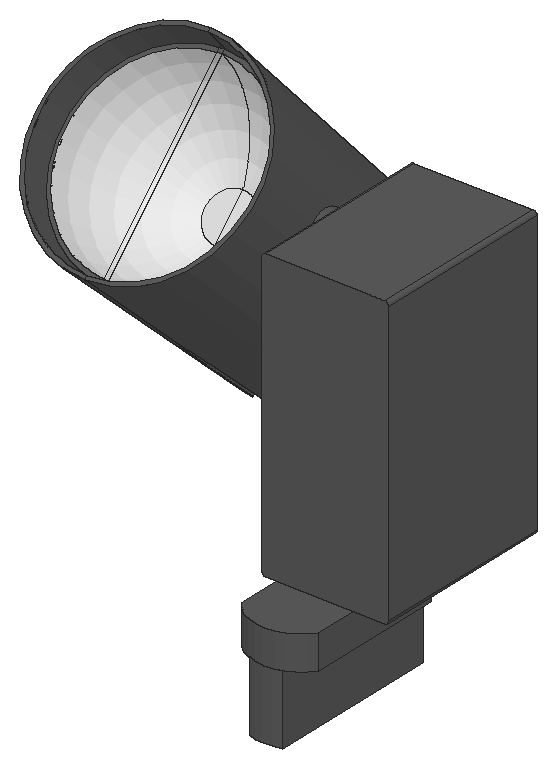
Revit family "0004940 Feilo Sylvania Lighting Fixture START TRACK SPOT S DALI 1262LM 930 WB BLK", category Lighting Fixtures, host Face, Revit 2017 (continued)
Definition of nested family "Start Track Spot Head"
  Types (96, lengths in mm): name | Wattage | built-in parameter 1150134 | Photometric Web File | Model | built-in parameter 1150105 | Lumens | built-in parameter 1150107 | built-in parameter 1150106 | HeadThickness_FEILO | HeadRibOffset_FEILO | HeadRibDepth_FEILO | HeadRibCutWidth_FEILO | HeadRibCutOffset_FEILO | HeadReflectorRadius_FEILO | HeadReflectorOffset_FEILO | HeadLEDRadius_FEILO | HeadHeight_FEILO | HeadDiffusorOffset_FEILO | HeadDiaOut_FEILO | HeadDiaIn_FEILO | HeadAxisFromTop_FEILO | Emit from Circle Diameter | built-in parameter 1150104 | Description | Apparent Load
    0004864 START TRACK SPOT S 24W 3K RA90 WB WHITE | 24 W | (empty or 0) | "0004864.ies" | "START TRACK SPOT S 24W 3K RA90 WB WHITE" | 152.79 (stored number, unit not read) | 1920 lm | 3000 (stored number, unit not read) | 1.5279 (stored number, unit not read) | 1.5 | 4.179 | 55.714 | 7.167 | 50.87 | 50.588 | 55.714 | 9.556 | 117 | 9.435 | 86 | 77.477 | 69.354 | 77.477 | 7.4322 (stored number, unit not read) | "Integrated LED spotlight, Textured White - RAL9016, compact and minimalist design, ideal for retail applications, die-cast aluminium body, passive cooling heatsink. Beam angle: 64°, color temperature: 3000K , total system power: 24W, total fixture output: 1928 lm, LOR: 100%, colour rendering: Ra: 90 typical, LED Chromaticity: 3 step MacAdam ellipse, lifetime: >50000 hours at L70B50, energy class: A++, A+, A, IR/UV free light source without heat radiation, operating voltage: 220-240V / 50-60Hz, drive current: 600mA, electronic driver, non-dimmable, power factor: 0.95, electrical protection: Class II, Global Track 3 Phase adapter suitable for Global trac 3-circuit tracks, ingress protection rating: IP20, suitable for internal environment only, horizontal rotation: 355°, vertical tilt: 90°, dimensions: Ø86x140x200, weight: 0.966kg." | 24 VA
    0004863 START TRACK SPOT S 24W 3K RA90 MB WHITE | 24 W | (empty or 0) | "0004863.ies" | "START TRACK SPOT S 24W 3K RA90 MB WHITE" | 154.7 (stored number, unit not read) | 1944 lm | 3000 (stored number, unit not read) | 1.547 (stored number, unit not read) | 1.5 | 4.179 | 55.714 | 7.167 | 50.87 | 50.588 | 55.714 | 9.556 | 117 | 9.435 | 86 | 77.477 | 69.354 | 77.477 | 7.5251 (stored number, unit not read) | "Integrated LED spotlight, Textured White - RAL9016, compact and minimalist design, ideal for retail applications, die-cast aluminium body, passive cooling heatsink. Beam angle: 36°, color temperature: 3000K , total system power: 24W, total fixture output: 1944 lm, LOR: 100%, colour rendering: Ra: 90 typical, LED Chromaticity: 3 step MacAdam ellipse, lifetime: >50000 hours at L70B50, energy class: A++, A+, A, IR/UV free light source without heat radiation, operating voltage: 220-240V / 50-60Hz, drive current: 600mA, electronic driver, non-dimmable, power factor: 0.95, electrical protection: Class II, Global Track 3 Phase adapter suitable for Global trac 3-circuit tracks, ingress protection rating: IP20, suitable for internal environment only, horizontal rotation: 355°, vertical tilt: 90°, dimensions: Ø86x140x200, weight: 0.966kg." | 24 VA
    0004862 START TRACK SPOT S 24W 3K RA90 NB WHITE | 24 W | (empty or 0) | "0004862.ies" | "START TRACK SPOT S 24W 3K RA90 NB WHITE" | 158.52 (stored number, unit not read) | 1992 lm | 3000 (stored number, unit not read) | 1.5852 (stored number, unit not read) | 1.5 | 4.179 | 55.714 | 7.167 | 50.87 | 50.588 | 55.714 | 9.556 | 117 | 9.435 | 86 | 77.477 | 69.354 | 77.477 | 7.711 (stored number, unit not read) | "Integrated LED spotlight, Textured White - RAL9016, compact and minimalist design, ideal for retail applications, die-cast aluminium body, passive cooling heatsink. Beam angle: 12°, color temperature: 3000K , total system power: 24W, total fixture output: 1987 lm, LOR: 100%, colour rendering: Ra: 90 typical, LED Chromaticity: 3 step MacAdam ellipse, lifetime: >50000 hours at L70B50, energy class: A++, A+, A, IR/UV free light source without heat radiation, operating voltage: 220-240V / 50-60Hz, drive current: 600mA, electronic driver, non-dimmable, power factor: 0.95, electrical protection: Class II, Global Track 3 Phase adapter suitable for Global trac 3-circuit tracks, ingress protection rating: IP20, suitable for internal environment only, horizontal rotation: 355°, vertical tilt: 90°, dimensions: Ø86x140x200, weight: 0.966kg." | 24 VA
    0004861 START TRACK SPOT S 14W 3K RA90 WB WHITE | 14 W | (empty or 0) | "0004861.ies" | "START TRACK SPOT S 14W 3K RA90 WB WHITE" | 100.27 (stored number, unit not read) | 1260 lm | 3000 (stored number, unit not read) | 1.0027 (stored number, unit not read) | 1.5 | 4.179 | 55.714 | 7.167 | 50.87 | 50.588 | 55.714 | 9.556 | 117 | 9.435 | 86 | 77.477 | 69.354 | 77.477 | 8.3613 (stored number, unit not read) | "Integrated LED spotlight, Textured White - RAL9016, compact and minimalist design, ideal for retail applications, die-cast aluminium body, passive cooling heatsink. Beam angle: 64°, color temperature: 3000K , total system power: 14W, total fixture output: 1262 lm, LOR: 100%, colour rendering: Ra: 90 typical, LED Chromaticity: 3 step MacAdam ellipse, lifetime: >50000 hours at L70B50, energy class: A++, A+, A, IR/UV free light source without heat radiation, operating voltage: 220-240V / 50-60Hz, drive current: 350mA, electronic driver, non-dimmable, power factor: 0.92, electrical protection: Class II, Global Track 3 Phase adapter suitable for Global trac 3-circuit tracks, ingress protection rating: IP20, suitable for internal environment only, horizontal rotation: 355°, vertical tilt: 90°, dimensions: Ø86x140x200, weight: 0.940kg." | 14 VA
    0004860 START TRACK SPOT S 14W 3K RA90 MB WHITE | 14 W | (empty or 0) | "0004860.ies" | "START TRACK SPOT S 14W 3K RA90 MB WHITE" | 100.27 (stored number, unit not read) | 1260 lm | 3000 (stored number, unit not read) | 1.0027 (stored number, unit not read) | 1.5 | 4.179 | 55.714 | 7.167 | 50.87 | 50.588 | 55.714 | 9.556 | 117 | 9.435 | 86 | 77.477 | 69.354 | 77.477 | 8.3613 (stored number, unit not read) | "Integrated LED spotlight, Textured White - RAL9016, compact and minimalist design, ideal for retail applications, die-cast aluminium body, passive cooling heatsink. Beam angle: 36°, color temperature: 3000K , total system power: 14W, total fixture output: 1262 lm, LOR: 100%, colour rendering: Ra: 90 typical, LED Chromaticity: 3 step MacAdam ellipse, lifetime: >50000 hours at L70B50, energy class: A++, A+, A, IR/UV free light source without heat radiation, operating voltage: 220-240V / 50-60Hz, drive current: 350mA, electronic driver, non-dimmable, power factor: 0.92, electrical protection: Class II, Global Track 3 Phase adapter suitable for Global trac 3-circuit tracks, ingress protection rating: IP20, suitable for internal environment only, horizontal rotation: 355°, vertical tilt: 90°, dimensions: Ø86x140x200, weight: 0.940kg." | 14 VA
    0004859 START TRACK SPOT S 14W 3K RA90 NB WHITE | 14 W | (empty or 0) | "0004859.ies" | "START TRACK SPOT S 14W 3K RA90 NB WHITE" | 102.5 (stored number, unit not read) | 1288 lm | 3000 (stored number, unit not read) | 1.025 (stored number, unit not read) | 1.5 | 4.179 | 55.714 | 7.167 | 50.87 | 50.588 | 55.714 | 9.556 | 117 | 9.435 | 86 | 77.477 | 69.354 | 77.477 | 8.5471 (stored number, unit not read) | "Integrated LED spotlight, Textured White - RAL9016, compact and minimalist design, ideal for retail applications, die-cast aluminium body, passive cooling heatsink. Beam angle: 12°, color temperature: 3000K , total system power: 14W, total fixture output: 1284 lm, LOR: 100%, colour rendering: Ra: 90 typical, LED Chromaticity: 3 step MacAdam ellipse, lifetime: >50000 hours at L70B50, energy class: A++, A+, A, IR/UV free light source without heat radiation, operating voltage: 220-240V / 50-60Hz, drive current: 350mA, electronic driver, non-dimmable, power factor: 0.92, electrical protection: Class II, Global Track 3 Phase adapter suitable for Global trac 3-circuit tracks, ingress protection rating: IP20, suitable for internal environment only, horizontal rotation: 355°, vertical tilt: 90°, dimensions: Ø86x140x200, weight: 0.940kg." | 14 VA
    0004858 START TRACK SPOT L 55W 4K RA80 WB BLACK | 55 W | 12 | "0004858.ies" | "START TRACK SPOT L 55W 4K RA80 WB BLACK" | 424.55 (stored number, unit not read) | 5335 lm | 4000 (stored number, unit not read) | 4.2455 (stored number, unit not read) | 2 | 4.429 | 59.048 | 9.417 | 53.913 | 66.471 | 59.048 | 12.556 | 124 | 10 | 113 | 101.802 | 73.503 | 101.802 | 9.0116 (stored number, unit not read) | "Integrated LED spotlight, Textured Black - RAL9005, compact and minimalist design, ideal for retail applications, die-cast aluminium body, passive cooling heatsink. Beam angle: 52°, color temperature: 4000K , total system power: 55W, total fixture output: 5320 lm, LOR: 100%, colour rendering: Ra: 80 typical, LED Chromaticity: 3 step MacAdam ellipse, lifetime: >50000 hours at L70B50, energy class: A++, A+, A, IR/UV free light source without heat radiation, operating voltage: 220-240V / 50-60Hz, drive current: 1400mA, electronic driver, non-dimmable, power factor: 0.96, electrical protection: Class II, Global Track 3 Phase adapter suitable for Global trac 3-circuit tracks, ingress protection rating: IP20, suitable for internal environment only, horizontal rotation: 355°, vertical tilt: 90°, dimensions: Ø113x164x240, weight: 1.398kg." | 55 VA
    0004857 START TRACK SPOT L 55W 4K RA80 MB BLACK | 55 W | 12 | "0004857.ies" | "START TRACK SPOT L 55W 4K RA80 MB BLACK" | 428.92 (stored number, unit not read) | 5390 lm | 4000 (stored number, unit not read) | 4.2892 (stored number, unit not read) | 2 | 4.429 | 59.048 | 9.417 | 53.913 | 66.471 | 59.048 | 12.556 | 124 | 10 | 113 | 101.802 | 73.503 | 101.802 | 9.1045 (stored number, unit not read) | "Integrated LED spotlight, Textured Black - RAL9005, compact and minimalist design, ideal for retail applications, die-cast aluminium body, passive cooling heatsink. Beam angle: 38°, color temperature: 4000K , total system power: 55W, total fixture output: 5378 lm, LOR: 100%, colour rendering: Ra: 80 typical, LED Chromaticity: 3 step MacAdam ellipse, lifetime: >50000 hours at L70B50, energy class: A++, A+, A, IR/UV free light source without heat radiation, operating voltage: 220-240V / 50-60Hz, drive current: 1400mA, electronic driver, non-dimmable, power factor: 0.96, electrical protection: Class II, Global Track 3 Phase adapter suitable for Global trac 3-circuit tracks, ingress protection rating: IP20, suitable for internal environment only, horizontal rotation: 355°, vertical tilt: 90°, dimensions: Ø113x164x240, weight: 1.398kg." | 55 VA
    0004856 START TRACK SPOT L 55W 4K RA80 NB BLACK | 55 W | 12 | "0004856.ies" | "START TRACK SPOT L 55W 4K RA80 NB BLACK" | 433.3 (stored number, unit not read) | 5445 lm | 4000 (stored number, unit not read) | 4.333 (stored number, unit not read) | 2 | 4.429 | 59.048 | 9.417 | 53.913 | 66.471 | 59.048 | 12.556 | 124 | 10 | 113 | 101.802 | 73.503 | 101.802 | 9.1974 (stored number, unit not read) | "Integrated LED spotlight, Textured Black - RAL9005, compact and minimalist design, ideal for retail applications, die-cast aluminium body, passive cooling heatsink. Beam angle: 15°, color temperature: 4000K , total system power: 55W, total fixture output: 5426 lm, LOR: 100%, colour rendering: Ra: 80 typical, LED Chromaticity: 3 step MacAdam ellipse, lifetime: >50000 hours at L70B50, energy class: A++, A+, A, IR/UV free light source without heat radiation, operating voltage: 220-240V / 50-60Hz, drive current: 1400mA, electronic driver, non-dimmable, power factor: 0.96, electrical protection: Class II, Global Track 3 Phase adapter suitable for Global trac 3-circuit tracks, ingress protection rating: IP20, suitable for internal environment only, horizontal rotation: 355°, vertical tilt: 90°, dimensions: Ø113x164x240, weight: 1.398kg." | 55 VA
    0004855 START TRACK SPOT L 35W 4K RA80 WB BLACK | 35 W | 12 | "0004855.ies" | "START TRACK SPOT L 35W 4K RA80 WB BLACK" | 320.3 (stored number, unit not read) | 4025 lm | 4000 (stored number, unit not read) | 3.203 (stored number, unit not read) | 2 | 4.429 | 59.048 | 9.417 | 53.913 | 66.471 | 59.048 | 12.556 | 124 | 10 | 113 | 101.802 | 73.503 | 101.802 | 10.684 (stored number, unit not read) | "Integrated LED spotlight, Textured Black - RAL9005, compact and minimalist design, ideal for retail applications, die-cast aluminium body, passive cooling heatsink. Beam angle: 52°, color temperature: 4000K , total system power: 35W, total fixture output: 4010 lm, LOR: 100%, colour rendering: Ra: 80 typical, LED Chromaticity: 3 step MacAdam ellipse, lifetime: >50000 hours at L70B50, energy class: A++, A+, A, IR/UV free light source without heat radiation, operating voltage: 220-240V / 50-60Hz, drive current: 900mA, electronic driver, non-dimmable, power factor: 0.93, electrical protection: Class II, Global Track 3 Phase adapter suitable for Global trac 3-circuit tracks, ingress protection rating: IP20, suitable for internal environment only, horizontal rotation: 355°, vertical tilt: 90°, dimensions: Ø113x164x240, weight: 1.368kg." | 35 VA
    0004854 START TRACK SPOT L 35W 4K RA80 MB BLACK | 35 W | 12 | "0004854.ies" | "START TRACK SPOT L 35W 4K RA80 MB BLACK" | 320.3 (stored number, unit not read) | 4025 lm | 4000 (stored number, unit not read) | 3.203 (stored number, unit not read) | 2 | 4.429 | 59.048 | 9.417 | 53.913 | 66.471 | 59.048 | 12.556 | 124 | 10 | 113 | 101.802 | 73.503 | 101.802 | 10.684 (stored number, unit not read) | "Integrated LED spotlight, Textured Black - RAL9005, compact and minimalist design, ideal for retail applications, die-cast aluminium body, passive cooling heatsink. Beam angle: 38°, color temperature: 4000K , total system power: 35W, total fixture output: 4017 lm, LOR: 100%, colour rendering: Ra: 80 typical, LED Chromaticity: 3 step MacAdam ellipse, lifetime: >50000 hours at L70B50, energy class: A++, A+, A, IR/UV free light source without heat radiation, operating voltage: 220-240V / 50-60Hz, drive current: 900mA, electronic driver, non-dimmable, power factor: 0.93, electrical protection: Class II, Global Track 3 Phase adapter suitable for Global trac 3-circuit tracks, ingress protection rating: IP20, suitable for internal environment only, horizontal rotation: 355°, vertical tilt: 90°, dimensions: Ø113x164x240, weight: 1.368kg." | 35 VA
    0004853 START TRACK SPOT L 35W 4K RA80 NB BLACK | 35 W | 12 | "0004853.ies" | "START TRACK SPOT L 35W 4K RA80 NB BLACK" | 331.44 (stored number, unit not read) | 4165 lm | 4000 (stored number, unit not read) | 3.3144 (stored number, unit not read) | 2 | 4.429 | 59.048 | 9.417 | 53.913 | 66.471 | 59.048 | 12.556 | 124 | 10 | 113 | 101.802 | 73.503 | 101.802 | 11.055 (stored number, unit not read) | "Integrated LED spotlight, Textured Black - RAL9005, compact and minimalist design, ideal for retail applications, die-cast aluminium body, passive cooling heatsink. Beam angle: 15°, color temperature: 4000K , total system power: 35W, total fixture output: 4174 lm, LOR: 100%, colour rendering: Ra: 80 typical, LED Chromaticity: 3 step MacAdam ellipse, lifetime: >50000 hours at L70B50, energy class: A++, A+, A, IR/UV free light source without heat radiation, operating voltage: 220-240V / 50-60Hz, drive current: 900mA, electronic driver, non-dimmable, power factor: 0.93, electrical protection: Class II, Global Track 3 Phase adapter suitable for Global trac 3-circuit tracks, ingress protection rating: IP20, suitable for internal environment only, horizontal rotation: 355°, vertical tilt: 90°, dimensions: Ø113x164x240, weight: 1.368kg." | 35 VA
    0004852 START TRACK SPOT S 24W 4K RA80 WB BLACK | 24 W | 12 | "0004852.ies" | "START TRACK SPOT S 24W 4K RA80 WB BLACK" | 196.72 (stored number, unit not read) | 2472 lm | 4000 (stored number, unit not read) | 1.9672 (stored number, unit not read) | 1.5 | 4.179 | 55.714 | 7.167 | 50.87 | 50.588 | 55.714 | 9.556 | 117 | 9.435 | 86 | 77.477 | 69.354 | 77.477 | 9.569 (stored number, unit not read) | "Integrated LED spotlight, Textured Black - RAL9005, compact and minimalist design, ideal for retail applications, die-cast aluminium body, passive cooling heatsink. Beam angle: 64°, color temperature: 4000K , total system power: 24W, total fixture output: 2476 lm, LOR: 100%, colour rendering: Ra: 80 typical, LED Chromaticity: 3 step MacAdam ellipse, lifetime: >50000 hours at L70B50, energy class: A++, A+, A, IR/UV free light source without heat radiation, operating voltage: 220-240V / 50-60Hz, drive current: 600mA, electronic driver, non-dimmable, power factor: 0.95, electrical protection: Class II, Global Track 3 Phase adapter suitable for Global trac 3-circuit tracks, ingress protection rating: IP20, suitable for internal environment only, horizontal rotation: 355°, vertical tilt: 90°, dimensions: Ø86x140x200, weight: 0.966kg." | 24 VA
    0004851 START TRACK SPOT S 24W 4K RA80 MB BLACK | 24 W | 12 | "0004851.ies" | "START TRACK SPOT S 24W 4K RA80 MB BLACK" | 198.63 (stored number, unit not read) | 2496 lm | 4000 (stored number, unit not read) | 1.9863 (stored number, unit not read) | 1.5 | 4.179 | 55.714 | 7.167 | 50.87 | 50.588 | 55.714 | 9.556 | 117 | 9.435 | 86 | 77.477 | 69.354 | 77.477 | 9.6619 (stored number, unit not read) | "Integrated LED spotlight, Textured Black - RAL9005, compact and minimalist design, ideal for retail applications, die-cast aluminium body, passive cooling heatsink. Beam angle: 36°, color temperature: 4000K , total system power: 24W, total fixture output: 2487 lm, LOR: 100%, colour rendering: Ra: 80 typical, LED Chromaticity: 3 step MacAdam ellipse, lifetime: >50000 hours at L70B50, energy class: A++, A+, A, IR/UV free light source without heat radiation, operating voltage: 220-240V / 50-60Hz, drive current: 600mA, electronic driver, non-dimmable, power factor: 0.95, electrical protection: Class II, Global Track 3 Phase adapter suitable for Global trac 3-circuit tracks, ingress protection rating: IP20, suitable for internal environment only, horizontal rotation: 355°, vertical tilt: 90°, dimensions: Ø86x140x200, weight: 0.966kg." | 24 VA
    0004850 START TRACK SPOT S 24W 4K RA80 NB BLACK | 24 W | 12 | "0004850.ies" | "START TRACK SPOT S 24W 4K RA80 NB BLACK" | 200.54 (stored number, unit not read) | 2520 lm | 4000 (stored number, unit not read) | 2.0054 (stored number, unit not read) | 1.5 | 4.179 | 55.714 | 7.167 | 50.87 | 50.588 | 55.714 | 9.556 | 117 | 9.435 | 86 | 77.477 | 69.354 | 77.477 | 9.7548 (stored number, unit not read) | "Integrated LED spotlight, Textured Black - RAL9005, compact and minimalist design, ideal for retail applications, die-cast aluminium body, passive cooling heatsink. Beam angle: 12°, color temperature: 4000K , total system power: 24W, total fixture output: 2529 lm, LOR: 100%, colour rendering: Ra: 80 typical, LED Chromaticity: 3 step MacAdam ellipse, lifetime: >50000 hours at L70B50, energy class: A++, A+, A, IR/UV free light source without heat radiation, operating voltage: 220-240V / 50-60Hz, drive current: 600mA, electronic driver, non-dimmable, power factor: 0.95, electrical protection: Class II, Global Track 3 Phase adapter suitable for Global trac 3-circuit tracks, ingress protection rating: IP20, suitable for internal environment only, horizontal rotation: 355°, vertical tilt: 90°, dimensions: Ø86x140x200, weight: 0.966kg." | 24 VA
    0004849 START TRACK SPOT S 14W 4K RA80 WB BLACK | 14 W | 12 | "0004849.ies" | "START TRACK SPOT S 14W 4K RA80 WB BLACK" | 123.66 (stored number, unit not read) | 1554 lm | 4000 (stored number, unit not read) | 1.2366 (stored number, unit not read) | 1.5 | 4.179 | 55.714 | 7.167 | 50.87 | 50.588 | 55.714 | 9.556 | 117 | 9.435 | 86 | 77.477 | 69.354 | 77.477 | 10.312 (stored number, unit not read) | "Integrated LED spotlight, Textured Black - RAL9005, compact and minimalist design, ideal for retail applications, die-cast aluminium body, passive cooling heatsink. Beam angle: 64°, color temperature: 4000K , total system power: 14W, total fixture output: 1558 lm, LOR: 100%, colour rendering: Ra: 80 typical, LED Chromaticity: 3 step MacAdam ellipse, lifetime: >50000 hours at L70B50, energy class: A++, A+, A, IR/UV free light source without heat radiation, operating voltage: 220-240V / 50-60Hz, drive current: 350mA, electronic driver, non-dimmable, power factor: 0.92, electrical protection: Class II, Global Track 3 Phase adapter suitable for Global trac 3-circuit tracks, ingress protection rating: IP20, suitable for internal environment only, horizontal rotation: 355°, vertical tilt: 90°, dimensions: Ø86x140x200, weight: 0.940kg." | 14 VA
    0004848 START TRACK SPOT S 14W 4K RA80 MB BLACK | 14 W | 12 | "0004848.ies" | "START TRACK SPOT S 14W 4K RA80 MB BLACK" | 127.01 (stored number, unit not read) | 1596 lm | 4000 (stored number, unit not read) | 1.2701 (stored number, unit not read) | 1.5 | 4.179 | 55.714 | 7.167 | 50.87 | 50.588 | 55.714 | 9.556 | 117 | 9.435 | 86 | 77.477 | 69.354 | 77.477 | 10.591 (stored number, unit not read) | "Integrated LED spotlight, Textured Black - RAL9005, compact and minimalist design, ideal for retail applications, die-cast aluminium body, passive cooling heatsink. Beam angle: 36°, color temperature: 4000K , total system power: 14W, total fixture output: 1598 lm, LOR: 100%, colour rendering: Ra: 80 typical, LED Chromaticity: 3 step MacAdam ellipse, lifetime: >50000 hours at L70B50, energy class: A++, A+, A, IR/UV free light source without heat radiation, operating voltage: 220-240V / 50-60Hz, drive current: 350mA, electronic driver, non-dimmable, power factor: 0.92, electrical protection: Class II, Global Track 3 Phase adapter suitable for Global trac 3-circuit tracks, ingress protection rating: IP20, suitable for internal environment only, horizontal rotation: 355°, vertical tilt: 90°, dimensions: Ø86x140x200, weight: 0.940kg." | 14 VA
    0004847 START TRACK SPOT S 14W 4K RA80 NB BLACK | 14 W | 12 | "0004847.ies" | "START TRACK SPOT S 14W 4K RA80 NB BLACK" | 128.12 (stored number, unit not read) | 1610 lm | 4000 (stored number, unit not read) | 1.2812 (stored number, unit not read) | 1.5 | 4.179 | 55.714 | 7.167 | 50.87 | 50.588 | 55.714 | 9.556 | 117 | 9.435 | 86 | 77.477 | 69.354 | 77.477 | 10.684 (stored number, unit not read) | "Integrated LED spotlight, Textured Black - RAL9005, compact and minimalist design, ideal for retail applications, die-cast aluminium body, passive cooling heatsink. Beam angle: 12°, color temperature: 4000K , total system power: 14W, total fixture output: 1608 lm, LOR: 100%, colour rendering: Ra: 80 typical, LED Chromaticity: 3 step MacAdam ellipse, lifetime: >50000 hours at L70B50, energy class: A++, A+, A, IR/UV free light source without heat radiation, operating voltage: 220-240V / 50-60Hz, drive current: 350mA, electronic driver, non-dimmable, power factor: 0.92, electrical protection: Class II, Global Track 3 Phase adapter suitable for Global trac 3-circuit tracks, ingress protection rating: IP20, suitable for internal environment only, horizontal rotation: 355°, vertical tilt: 90°, dimensions: Ø86x140x200, weight: 0.940kg." | 14 VA
    0004846 START TRACK SPOT L 55W 3K RA80 WB BLACK | 55 W | (empty or 0) | "0004846.ies" | "START TRACK SPOT L 55W 3K RA80 WB BLACK" | 420.17 (stored number, unit not read) | 5280 lm | 3000 (stored number, unit not read) | 4.2017 (stored number, unit not read) | 2 | 4.429 | 59.048 | 9.417 | 53.913 | 66.471 | 59.048 | 12.556 | 124 | 10 | 113 | 101.802 | 73.503 | 101.802 | 8.9187 (stored number, unit not read) | "Integrated LED spotlight, Textured Black - RAL9005, compact and minimalist design, ideal for retail applications, die-cast aluminium body, passive cooling heatsink. Beam angle: 52°, color temperature: 3000K , total system power: 55W, total fixture output: 5298 lm, LOR: 100%, colour rendering: Ra: 80 typical, LED Chromaticity: 3 step MacAdam ellipse, lifetime: >50000 hours at L70B50, energy class: A++, A+, A, IR/UV free light source without heat radiation, operating voltage: 220-240V / 50-60Hz, drive current: 1400mA, electronic driver, non-dimmable, power factor: 0.96, electrical protection: Class II, Global Track 3 Phase adapter suitable for Global trac 3-circuit tracks, ingress protection rating: IP20, suitable for internal environment only, horizontal rotation: 355°, vertical tilt: 90°, dimensions: Ø113x164x240, weight: 1.398kg." | 55 VA
    0004845 START TRACK SPOT L 55W 3K RA80 MB BLACK | 55 W | (empty or 0) | "0004845.ies" | "START TRACK SPOT L 55W 3K RA80 MB BLACK" | 428.92 (stored number, unit not read) | 5390 lm | 3000 (stored number, unit not read) | 4.2892 (stored number, unit not read) | 2 | 4.429 | 59.048 | 9.417 | 53.913 | 66.471 | 59.048 | 12.556 | 124 | 10 | 113 | 101.802 | 73.503 | 101.802 | 9.1045 (stored number, unit not read) | "Integrated LED spotlight, Textured Black - RAL9005, compact and minimalist design, ideal for retail applications, die-cast aluminium body, passive cooling heatsink. Beam angle: 38°, color temperature: 3000K , total system power: 55W, total fixture output: 5381 lm, LOR: 100%, colour rendering: Ra: 80 typical, LED Chromaticity: 3 step MacAdam ellipse, lifetime: >50000 hours at L70B50, energy class: A++, A+, A, IR/UV free light source without heat radiation, operating voltage: 220-240V / 50-60Hz, drive current: 1400mA, electronic driver, non-dimmable, power factor: 0.96, electrical protection: Class II, Global Track 3 Phase adapter suitable for Global trac 3-circuit tracks, ingress protection rating: IP20, suitable for internal environment only, horizontal rotation: 355°, vertical tilt: 90°, dimensions: Ø113x164x240, weight: 1.398kg." | 55 VA
    0004844 START TRACK SPOT L 55W 3K RA80 NB BLACK | 55 W | (empty or 0) | "0004844.ies" | "START TRACK SPOT L 55W 3K RA80 NB BLACK" | 433.3 (stored number, unit not read) | 5445 lm | 3000 (stored number, unit not read) | 4.333 (stored number, unit not read) | 2 | 4.429 | 59.048 | 9.417 | 53.913 | 66.471 | 59.048 | 12.556 | 124 | 10 | 113 | 101.802 | 73.503 | 101.802 | 9.1974 (stored number, unit not read) | "Integrated LED spotlight, Textured Black - RAL9005, compact and minimalist design, ideal for retail applications, die-cast aluminium body, passive cooling heatsink. Beam angle: 15°, color temperature: 3000K , total system power: 55W, total fixture output: 5449 lm, LOR: 100%, colour rendering: Ra: 80 typical, LED Chromaticity: 3 step MacAdam ellipse, lifetime: >50000 hours at L70B50, energy class: A++, A+, A, IR/UV free light source without heat radiation, operating voltage: 220-240V / 50-60Hz, drive current: 1400mA, electronic driver, non-dimmable, power factor: 0.96, electrical protection: Class II, Global Track 3 Phase adapter suitable for Global trac 3-circuit tracks, ingress protection rating: IP20, suitable for internal environment only, horizontal rotation: 355°, vertical tilt: 90°, dimensions: Ø113x164x240, weight: 1.398kg." | 55 VA
    0004843 START TRACK SPOT L 35W 3K RA80 WB BLACK | 35 W | (empty or 0) | "0004843.ies" | "START TRACK SPOT L 35W 3K RA80 WB BLACK" | 314.73 (stored number, unit not read) | 3955 lm | 3000 (stored number, unit not read) | 3.1473 (stored number, unit not read) | 2 | 4.429 | 59.048 | 9.417 | 53.913 | 66.471 | 59.048 | 12.556 | 124 | 10 | 113 | 101.802 | 73.503 | 101.802 | 10.498 (stored number, unit not read) | "Integrated LED spotlight, Textured Black - RAL9005, compact and minimalist design, ideal for retail applications, die-cast aluminium body, passive cooling heatsink. Beam angle: 52°, color temperature: 3000K , total system power: 35W, total fixture output: 3943 lm, LOR: 100%, colour rendering: Ra: 80 typical, LED Chromaticity: 3 step MacAdam ellipse, lifetime: >50000 hours at L70B50, energy class: A++, A+, A, IR/UV free light source without heat radiation, operating voltage: 220-240V / 50-60Hz, drive current: 900mA, electronic driver, non-dimmable, power factor: 0.93, electrical protection: Class II, Global Track 3 Phase adapter suitable for Global trac 3-circuit tracks, ingress protection rating: IP20, suitable for internal environment only, horizontal rotation: 355°, vertical tilt: 90°, dimensions: Ø113x164x240, weight: 1.368kg." | 35 VA
    0004842 START TRACK SPOT L 35W 3K RA80 MB BLACK | 35 W | (empty or 0) | "0004842.ies" | "START TRACK SPOT L 35W 3K RA80 MB BLACK" | 320.3 (stored number, unit not read) | 4025 lm | 3000 (stored number, unit not read) | 3.203 (stored number, unit not read) | 2 | 4.429 | 59.048 | 9.417 | 53.913 | 66.471 | 59.048 | 12.556 | 124 | 10 | 113 | 101.802 | 73.503 | 101.802 | 10.684 (stored number, unit not read) | "Integrated LED spotlight, Textured Black - RAL9005, compact and minimalist design, ideal for retail applications, die-cast aluminium body, passive cooling heatsink. Beam angle: 38°, color temperature: 3000K , total system power: 35W, total fixture output: 4008 lm, LOR: 100%, colour rendering: Ra: 80 typical, LED Chromaticity: 3 step MacAdam ellipse, lifetime: >50000 hours at L70B50, energy class: A++, A+, A, IR/UV free light source without heat radiation, operating voltage: 220-240V / 50-60Hz, drive current: 900mA, electronic driver, non-dimmable, power factor: 0.93, electrical protection: Class II, Global Track 3 Phase adapter suitable for Global trac 3-circuit tracks, ingress protection rating: IP20, suitable for internal environment only, horizontal rotation: 355°, vertical tilt: 90°, dimensions: Ø113x164x240, weight: 1.368kg." | 35 VA
    0004841 START TRACK SPOT L 35W 3K RA80 NB BLACK | 35 W | (empty or 0) | "0004841.ies" | "START TRACK SPOT L 35W 3K RA80 NB BLACK" | 317.51 (stored number, unit not read) | 3990 lm | 3000 (stored number, unit not read) | 3.1751 (stored number, unit not read) | 2 | 4.429 | 59.048 | 9.417 | 53.913 | 66.471 | 59.048 | 12.556 | 124 | 10 | 113 | 101.802 | 73.503 | 101.802 | 10.591 (stored number, unit not read) | "Integrated LED spotlight, Textured Black - RAL9005, compact and minimalist design, ideal for retail applications, die-cast aluminium body, passive cooling heatsink. Beam angle: 15°, color temperature: 3000K , total system power: 35W, total fixture output: 4005 lm, LOR: 100%, colour rendering: Ra: 80 typical, LED Chromaticity: 3 step MacAdam ellipse, lifetime: >50000 hours at L70B50, energy class: A++, A+, A, IR/UV free light source without heat radiation, operating voltage: 220-240V / 50-60Hz, drive current: 900mA, electronic driver, non-dimmable, power factor: 0.93, electrical protection: Class II, Global Track 3 Phase adapter suitable for Global trac 3-circuit tracks, ingress protection rating: IP20, suitable for internal environment only, horizontal rotation: 355°, vertical tilt: 90°, dimensions: Ø113x164x240, weight: 1.368kg." | 35 VA
    0004840 START TRACK SPOT S 24W 3K RA80 WB BLACK | 24 W | (empty or 0) | "0004840.ies" | "START TRACK SPOT S 24W 3K RA80 WB BLACK" | 185.26 (stored number, unit not read) | 2328 lm | 3000 (stored number, unit not read) | 1.8526 (stored number, unit not read) | 1.5 | 4.179 | 55.714 | 7.167 | 50.87 | 50.588 | 55.714 | 9.556 | 117 | 9.435 | 86 | 77.477 | 69.354 | 77.477 | 9.0116 (stored number, unit not read) | "Integrated LED spotlight, Textured Black - RAL9005, compact and minimalist design, ideal for retail applications, die-cast aluminium body, passive cooling heatsink. Beam angle: 64°, color temperature: 3000K , total system power: 24W, total fixture output: 2318 lm, LOR: 100%, colour rendering: Ra: 80 typical, LED Chromaticity: 3 step MacAdam ellipse, lifetime: >50000 hours at L70B50, energy class: A++, A+, A, IR/UV free light source without heat radiation, operating voltage: 220-240V / 50-60Hz, drive current: 600mA, electronic driver, non-dimmable, power factor: 0.95, electrical protection: Class II, Global Track 3 Phase adapter suitable for Global trac 3-circuit tracks, ingress protection rating: IP20, suitable for internal environment only, horizontal rotation: 355°, vertical tilt: 90°, dimensions: Ø86x140x200, weight: 0.966kg." | 24 VA
    0004839 START TRACK SPOT S 24W 3K RA80 MB BLACK | 24 W | (empty or 0) | "0004839.ies" | "START TRACK SPOT S 24W 3K RA80 MB BLACK" | 183.35 (stored number, unit not read) | 2304 lm | 3000 (stored number, unit not read) | 1.8335 (stored number, unit not read) | 1.5 | 4.179 | 55.714 | 7.167 | 50.87 | 50.588 | 55.714 | 9.556 | 117 | 9.435 | 86 | 77.477 | 69.354 | 77.477 | 8.9187 (stored number, unit not read) | "Integrated LED spotlight, Textured Black - RAL9005, compact and minimalist design, ideal for retail applications, die-cast aluminium body, passive cooling heatsink. Beam angle: 36°, color temperature: 3000K , total system power: 24W, total fixture output: 2314 lm, LOR: 100%, colour rendering: Ra: 80 typical, LED Chromaticity: 3 step MacAdam ellipse, lifetime: >50000 hours at L70B50, energy class: A++, A+, A, IR/UV free light source without heat radiation, operating voltage: 220-240V / 50-60Hz, drive current: 600mA, electronic driver, non-dimmable, power factor: 0.95, electrical protection: Class II, Global Track 3 Phase adapter suitable for Global trac 3-circuit tracks, ingress protection rating: IP20, suitable for internal environment only, horizontal rotation: 355°, vertical tilt: 90°, dimensions: Ø86x140x200, weight: 0.966kg." | 24 VA
    0004838 START TRACK SPOT S 24W 3K RA80 NB BLACK | 24 W | (empty or 0) | "0004838.ies" | "START TRACK SPOT S 24W 3K RA80 NB BLACK" | 185.26 (stored number, unit not read) | 2328 lm | 3000 (stored number, unit not read) | 1.8526 (stored number, unit not read) | 1.5 | 4.179 | 55.714 | 7.167 | 50.87 | 50.588 | 55.714 | 9.556 | 117 | 9.435 | 86 | 77.477 | 69.354 | 77.477 | 9.0116 (stored number, unit not read) | "Integrated LED spotlight, Textured Black - RAL9005, compact and minimalist design, ideal for retail applications, die-cast aluminium body, passive cooling heatsink. Beam angle: 12°, color temperature: 3000K , total system power: 24W, total fixture output: 2334 lm, LOR: 100%, colour rendering: Ra: 80 typical, LED Chromaticity: 3 step MacAdam ellipse, lifetime: >50000 hours at L70B50, energy class: A++, A+, A, IR/UV free light source without heat radiation, operating voltage: 220-240V / 50-60Hz, drive current: 600mA, electronic driver, non-dimmable, power factor: 0.95, electrical protection: Class II, Global Track 3 Phase adapter suitable for Global trac 3-circuit tracks, ingress protection rating: IP20, suitable for internal environment only, horizontal rotation: 355°, vertical tilt: 90°, dimensions: Ø86x140x200, weight: 0.966kg." | 24 VA
    0004837 START TRACK SPOT S 14W 3K RA80 WB BLACK | 14 W | (empty or 0) | "0004837.ies" | "START TRACK SPOT S 14W 3K RA80 WB BLACK" | 119.21 (stored number, unit not read) | 1498 lm | 3000 (stored number, unit not read) | 1.1921 (stored number, unit not read) | 1.5 | 4.179 | 55.714 | 7.167 | 50.87 | 50.588 | 55.714 | 9.556 | 117 | 9.435 | 86 | 77.477 | 69.354 | 77.477 | 9.9406 (stored number, unit not read) | "Integrated LED spotlight, Textured Black - RAL9005, compact and minimalist design, ideal for retail applications, die-cast aluminium body, passive cooling heatsink. Beam angle: 64°, color temperature: 3000K , total system power: 14W, total fixture output: 1498 lm, LOR: 100%, colour rendering: Ra: 80 typical, LED Chromaticity: 3 step MacAdam ellipse, lifetime: >50000 hours at L70B50, energy class: A++, A+, A, IR/UV free light source without heat radiation, operating voltage: 220-240V / 50-60Hz, drive current: 350mA, electronic driver, non-dimmable, power factor: 0.92, electrical protection: Class II, Global Track 3 Phase adapter suitable for Global trac 3-circuit tracks, ingress protection rating: IP20, suitable for internal environment only, horizontal rotation: 355°, vertical tilt: 90°, dimensions: Ø86x140x200, weight: 0.940kg." | 14 VA
    0004836 START TRACK SPOT S 14W 3K RA80 MB BLACK | 14 W | (empty or 0) | "0004836.ies" | "START TRACK SPOT S 14W 3K RA80 MB BLACK" | 120.32 (stored number, unit not read) | 1512 lm | 3000 (stored number, unit not read) | 1.2032 (stored number, unit not read) | 1.5 | 4.179 | 55.714 | 7.167 | 50.87 | 50.588 | 55.714 | 9.556 | 117 | 9.435 | 86 | 77.477 | 69.354 | 77.477 | 10.034 (stored number, unit not read) | "Integrated LED spotlight, Textured Black - RAL9005, compact and minimalist design, ideal for retail applications, die-cast aluminium body, passive cooling heatsink. Beam angle: 36°, color temperature: 3000K , total system power: 14W, total fixture output: 1508 lm, LOR: 100%, colour rendering: Ra: 80 typical, LED Chromaticity: 3 step MacAdam ellipse, lifetime: >50000 hours at L70B50, energy class: A++, A+, A, IR/UV free light source without heat radiation, operating voltage: 220-240V / 50-60Hz, drive current: 350mA, electronic driver, non-dimmable, power factor: 0.92, electrical protection: Class II, Global Track 3 Phase adapter suitable for Global trac 3-circuit tracks, ingress protection rating: IP20, suitable for internal environment only, horizontal rotation: 355°, vertical tilt: 90°, dimensions: Ø86x140x200, weight: 0.940kg." | 14 VA
    0004835 START TRACK SPOT S 14W 3K RA80 NB BLACK | 14 W | (empty or 0) | "0004835.ies" | "START TRACK SPOT S 14W 3K RA80 NB BLACK" | 123.66 (stored number, unit not read) | 1554 lm | 3000 (stored number, unit not read) | 1.2366 (stored number, unit not read) | 1.5 | 4.179 | 55.714 | 7.167 | 50.87 | 50.588 | 55.714 | 9.556 | 117 | 9.435 | 86 | 77.477 | 69.354 | 77.477 | 10.312 (stored number, unit not read) | "Integrated LED spotlight, Textured Black - RAL9005, compact and minimalist design, ideal for retail applications, die-cast aluminium body, passive cooling heatsink. Beam angle: 12°, color temperature: 3000K , total system power: 14W, total fixture output: 1551 lm, LOR: 100%, colour rendering: Ra: 80 typical, LED Chromaticity: 3 step MacAdam ellipse, lifetime: >50000 hours at L70B50, energy class: A++, A+, A, IR/UV free light source without heat radiation, operating voltage: 220-240V / 50-60Hz, drive current: 350mA, electronic driver, non-dimmable, power factor: 0.92, electrical protection: Class II, Global Track 3 Phase adapter suitable for Global trac 3-circuit tracks, ingress protection rating: IP20, suitable for internal environment only, horizontal rotation: 355°, vertical tilt: 90°, dimensions: Ø86x140x200, weight: 0.940kg." | 14 VA
    0004834 START TRACK SPOT L 55W 4K RA80 WB WHITE | 55 W | 12 | "0004834.ies" | "START TRACK SPOT L 55W 4K RA80 WB WHITE" | 424.55 (stored number, unit not read) | 5335 lm | 4000 (stored number, unit not read) | 4.2455 (stored number, unit not read) | 2 | 4.429 | 59.048 | 9.417 | 53.913 | 66.471 | 59.048 | 12.556 | 124 | 10 | 113 | 101.802 | 73.503 | 101.802 | 9.0116 (stored number, unit not read) | "Integrated LED spotlight, Textured White - RAL9016, compact and minimalist design, ideal for retail applications, die-cast aluminium body, passive cooling heatsink. Beam angle: 52°, color temperature: 4000K , total system power: 55W, total fixture output: 5320 lm, LOR: 100%, colour rendering: Ra: 80 typical, LED Chromaticity: 3 step MacAdam ellipse, lifetime: >50000 hours at L70B50, energy class: A++, A+, A, IR/UV free light source without heat radiation, operating voltage: 220-240V / 50-60Hz, drive current: 1400mA, electronic driver, non-dimmable, power factor: 0.96, electrical protection: Class II, Global Track 3 Phase adapter suitable for Global trac 3-circuit tracks, ingress protection rating: IP20, suitable for internal environment only, horizontal rotation: 355°, vertical tilt: 90°, dimensions: Ø113x164x240, weight: 1.398kg." | 55 VA
    0004833 START TRACK SPOT L 55W 4K RA80 MB WHITE | 55 W | 12 | "0004833.ies" | "START TRACK SPOT L 55W 4K RA80 MB WHITE" | 428.92 (stored number, unit not read) | 5390 lm | 4000 (stored number, unit not read) | 4.2892 (stored number, unit not read) | 2 | 4.429 | 59.048 | 9.417 | 53.913 | 66.471 | 59.048 | 12.556 | 124 | 10 | 113 | 101.802 | 73.503 | 101.802 | 9.1045 (stored number, unit not read) | "Integrated LED spotlight, Textured White - RAL9016, compact and minimalist design, ideal for retail applications, die-cast aluminium body, passive cooling heatsink. Beam angle: 38°, color temperature: 4000K , total system power: 55W, total fixture output: 5378 lm, LOR: 100%, colour rendering: Ra: 80 typical, LED Chromaticity: 3 step MacAdam ellipse, lifetime: >50000 hours at L70B50, energy class: A++, A+, A, IR/UV free light source without heat radiation, operating voltage: 220-240V / 50-60Hz, drive current: 1400mA, electronic driver, non-dimmable, power factor: 0.96, electrical protection: Class II, Global Track 3 Phase adapter suitable for Global trac 3-circuit tracks, ingress protection rating: IP20, suitable for internal environment only, horizontal rotation: 355°, vertical tilt: 90°, dimensions: Ø113x164x240, weight: 1.398kg." | 55 VA
    0004832 START TRACK SPOT L 55W 4K RA80 NB WHITE | 55 W | 12 | "0004832.ies" | "START TRACK SPOT L 55W 4K RA80 NB WHITE" | 433.3 (stored number, unit not read) | 5445 lm | 4000 (stored number, unit not read) | 4.333 (stored number, unit not read) | 2 | 4.429 | 59.048 | 9.417 | 53.913 | 66.471 | 59.048 | 12.556 | 124 | 10 | 113 | 101.802 | 73.503 | 101.802 | 9.1974 (stored number, unit not read) | "Integrated LED spotlight, Textured White - RAL9016, compact and minimalist design, ideal for retail applications, die-cast aluminium body, passive cooling heatsink. Beam angle: 15°, color temperature: 4000K , total system power: 55W, total fixture output: 5426 lm, LOR: 100%, colour rendering: Ra: 80 typical, LED Chromaticity: 3 step MacAdam ellipse, lifetime: >50000 hours at L70B50, energy class: A++, A+, A, IR/UV free light source without heat radiation, operating voltage: 220-240V / 50-60Hz, drive current: 1400mA, electronic driver, non-dimmable, power factor: 0.96, electrical protection: Class II, Global Track 3 Phase adapter suitable for Global trac 3-circuit tracks, ingress protection rating: IP20, suitable for internal environment only, horizontal rotation: 355°, vertical tilt: 90°, dimensions: Ø113x164x240, weight: 1.398kg." | 55 VA
    0004831 START TRACK SPOT L 35W 4K RA80 WB WHITE | 35 W | 12 | "0004831.ies" | "START TRACK SPOT L 35W 4K RA80 WB WHITE" | 320.3 (stored number, unit not read) | 4025 lm | 4000 (stored number, unit not read) | 3.203 (stored number, unit not read) | 2 | 4.429 | 59.048 | 9.417 | 53.913 | 66.471 | 59.048 | 12.556 | 124 | 10 | 113 | 101.802 | 73.503 | 101.802 | 10.684 (stored number, unit not read) | "Integrated LED spotlight, Textured White - RAL9016, compact and minimalist design, ideal for retail applications, die-cast aluminium body, passive cooling heatsink. Beam angle: 52°, color temperature: 4000K , total system power: 35W, total fixture output: 4010 lm, LOR: 100%, colour rendering: Ra: 80 typical, LED Chromaticity: 3 step MacAdam ellipse, lifetime: >50000 hours at L70B50, energy class: A++, A+, A, IR/UV free light source without heat radiation, operating voltage: 220-240V / 50-60Hz, drive current: 900mA, electronic driver, non-dimmable, power factor: 0.93, electrical protection: Class II, Global Track 3 Phase adapter suitable for Global trac 3-circuit tracks, ingress protection rating: IP20, suitable for internal environment only, horizontal rotation: 355°, vertical tilt: 90°, dimensions: Ø113x164x240, weight: 1.368kg." | 35 VA
    0004830 START TRACK SPOT L 35W 4K RA80 MB WHITE | 35 W | 12 | "0004830.ies" | "START TRACK SPOT L 35W 4K RA80 MB WHITE" | 320.3 (stored number, unit not read) | 4025 lm | 4000 (stored number, unit not read) | 3.203 (stored number, unit not read) | 2 | 4.429 | 59.048 | 9.417 | 53.913 | 66.471 | 59.048 | 12.556 | 124 | 10 | 113 | 101.802 | 73.503 | 101.802 | 10.684 (stored number, unit not read) | "Integrated LED spotlight, Textured White - RAL9016, compact and minimalist design, ideal for retail applications, die-cast aluminium body, passive cooling heatsink. Beam angle: 38°, color temperature: 4000K , total system power: 35W, total fixture output: 4017 lm, LOR: 100%, colour rendering: Ra: 80 typical, LED Chromaticity: 3 step MacAdam ellipse, lifetime: >50000 hours at L70B50, energy class: A++, A+, A, IR/UV free light source without heat radiation, operating voltage: 220-240V / 50-60Hz, drive current: 900mA, electronic driver, non-dimmable, power factor: 0.93, electrical protection: Class II, Global Track 3 Phase adapter suitable for Global trac 3-circuit tracks, ingress protection rating: IP20, suitable for internal environment only, horizontal rotation: 355°, vertical tilt: 90°, dimensions: Ø113x164x240, weight: 1.368kg." | 35 VA
    0004829 START TRACK SPOT L 35W 4K RA80 NB WHITE | 35 W | 12 | "0004829.ies" | "START TRACK SPOT L 35W 4K RA80 NB WHITE" | 331.44 (stored number, unit not read) | 4165 lm | 4000 (stored number, unit not read) | 3.3144 (stored number, unit not read) | 2 | 4.429 | 59.048 | 9.417 | 53.913 | 66.471 | 59.048 | 12.556 | 124 | 10 | 113 | 101.802 | 73.503 | 101.802 | 11.055 (stored number, unit not read) | "Integrated LED spotlight, Textured White - RAL9016, compact and minimalist design, ideal for retail applications, die-cast aluminium body, passive cooling heatsink. Beam angle: 15°, color temperature: 4000K , total system power: 35W, total fixture output: 4174 lm, LOR: 100%, colour rendering: Ra: 80 typical, LED Chromaticity: 3 step MacAdam ellipse, lifetime: >50000 hours at L70B50, energy class: A++, A+, A, IR/UV free light source without heat radiation, operating voltage: 220-240V / 50-60Hz, drive current: 900mA, electronic driver, non-dimmable, power factor: 0.93, electrical protection: Class II, Global Track 3 Phase adapter suitable for Global trac 3-circuit tracks, ingress protection rating: IP20, suitable for internal environment only, horizontal rotation: 355°, vertical tilt: 90°, dimensions: Ø113x164x240, weight: 1.368kg." | 35 VA
    0004828 START TRACK SPOT S 24W 4K RA80 WB WHITE | 24 W | 12 | "0004828.ies" | "START TRACK SPOT S 24W 4K RA80 WB WHITE" | 196.72 (stored number, unit not read) | 2472 lm | 4000 (stored number, unit not read) | 1.9672 (stored number, unit not read) | 1.5 | 4.179 | 55.714 | 7.167 | 50.87 | 50.588 | 55.714 | 9.556 | 117 | 9.435 | 86 | 77.477 | 69.354 | 77.477 | 9.569 (stored number, unit not read) | "Integrated LED spotlight, Textured White - RAL9016, compact and minimalist design, ideal for retail applications, die-cast aluminium body, passive cooling heatsink. Beam angle: 64°, color temperature: 4000K , total system power: 24W, total fixture output: 2476 lm, LOR: 100%, colour rendering: Ra: 80 typical, LED Chromaticity: 3 step MacAdam ellipse, lifetime: >50000 hours at L70B50, energy class: A++, A+, A, IR/UV free light source without heat radiation, operating voltage: 220-240V / 50-60Hz, drive current: 600mA, electronic driver, non-dimmable, power factor: 0.95, electrical protection: Class II, Global Track 3 Phase adapter suitable for Global trac 3-circuit tracks, ingress protection rating: IP20, suitable for internal environment only, horizontal rotation: 355°, vertical tilt: 90°, dimensions: Ø86x140x200, weight: 0.966kg." | 24 VA
    0004827 START TRACK SPOT S 24W 4K RA80 MB WHITE | 24 W | 12 | "0004827.ies" | "START TRACK SPOT S 24W 4K RA80 MB WHITE" | 198.63 (stored number, unit not read) | 2496 lm | 4000 (stored number, unit not read) | 1.9863 (stored number, unit not read) | 1.5 | 4.179 | 55.714 | 7.167 | 50.87 | 50.588 | 55.714 | 9.556 | 117 | 9.435 | 86 | 77.477 | 69.354 | 77.477 | 9.6619 (stored number, unit not read) | "Integrated LED spotlight, Textured White - RAL9016, compact and minimalist design, ideal for retail applications, die-cast aluminium body, passive cooling heatsink. Beam angle: 36°, color temperature: 4000K , total system power: 24W, total fixture output: 2487 lm, LOR: 100%, colour rendering: Ra: 80 typical, LED Chromaticity: 3 step MacAdam ellipse, lifetime: >50000 hours at L70B50, energy class: A++, A+, A, IR/UV free light source without heat radiation, operating voltage: 220-240V / 50-60Hz, drive current: 600mA, electronic driver, non-dimmable, power factor: 0.95, electrical protection: Class II, Global Track 3 Phase adapter suitable for Global trac 3-circuit tracks, ingress protection rating: IP20, suitable for internal environment only, horizontal rotation: 355°, vertical tilt: 90°, dimensions: Ø86x140x200, weight: 0.966kg." | 24 VA
    0004826 START TRACK SPOT S 24W 4K RA80 NB WHITE | 24 W | 12 | "0004826.ies" | "START TRACK SPOT S 24W 4K RA80 NB WHITE" | 200.54 (stored number, unit not read) | 2520 lm | 4000 (stored number, unit not read) | 2.0054 (stored number, unit not read) | 1.5 | 4.179 | 55.714 | 7.167 | 50.87 | 50.588 | 55.714 | 9.556 | 117 | 9.435 | 86 | 77.477 | 69.354 | 77.477 | 9.7548 (stored number, unit not read) | "Integrated LED spotlight, Textured White - RAL9016, compact and minimalist design, ideal for retail applications, die-cast aluminium body, passive cooling heatsink. Beam angle: 12°, color temperature: 4000K , total system power: 24W, total fixture output: 2529 lm, LOR: 100%, colour rendering: Ra: 80 typical, LED Chromaticity: 3 step MacAdam ellipse, lifetime: >50000 hours at L70B50, energy class: A++, A+, A, IR/UV free light source without heat radiation, operating voltage: 220-240V / 50-60Hz, drive current: 600mA, electronic driver, non-dimmable, power factor: 0.95, electrical protection: Class II, Global Track 3 Phase adapter suitable for Global trac 3-circuit tracks, ingress protection rating: IP20, suitable for internal environment only, horizontal rotation: 355°, vertical tilt: 90°, dimensions: Ø86x140x200, weight: 0.966kg." | 24 VA
    0004825 START TRACK SPOT S 14W 4K RA80 WB WHITE | 14 W | 12 | "0004825.ies" | "START TRACK SPOT S 14W 4K RA80 WB WHITE" | 123.66 (stored number, unit not read) | 1554 lm | 4000 (stored number, unit not read) | 1.2366 (stored number, unit not read) | 1.5 | 4.179 | 55.714 | 7.167 | 50.87 | 50.588 | 55.714 | 9.556 | 117 | 9.435 | 86 | 77.477 | 69.354 | 77.477 | 10.312 (stored number, unit not read) | "Integrated LED spotlight, Textured White - RAL9016, compact and minimalist design, ideal for retail applications, die-cast aluminium body, passive cooling heatsink. Beam angle: 64°, color temperature: 4000K , total system power: 14W, total fixture output: 1558 lm, LOR: 100%, colour rendering: Ra: 80 typical, LED Chromaticity: 3 step MacAdam ellipse, lifetime: >50000 hours at L70B50, energy class: A++, A+, A, IR/UV free light source without heat radiation, operating voltage: 220-240V / 50-60Hz, drive current: 350mA, electronic driver, non-dimmable, power factor: 0.92, electrical protection: Class II, Global Track 3 Phase adapter suitable for Global trac 3-circuit tracks, ingress protection rating: IP20, suitable for internal environment only, horizontal rotation: 355°, vertical tilt: 90°, dimensions: Ø86x140x200, weight: 0.940kg." | 14 VA
    0004824 START TRACK SPOT S 14W 4K RA80 MB WHITE | 14 W | 12 | "0004824.ies" | "START TRACK SPOT S 14W 4K RA80 MB WHITE" | 127.01 (stored number, unit not read) | 1596 lm | 4000 (stored number, unit not read) | 1.2701 (stored number, unit not read) | 1.5 | 4.179 | 55.714 | 7.167 | 50.87 | 50.588 | 55.714 | 9.556 | 117 | 9.435 | 86 | 77.477 | 69.354 | 77.477 | 10.591 (stored number, unit not read) | "Integrated LED spotlight, Textured White - RAL9016, compact and minimalist design, ideal for retail applications, die-cast aluminium body, passive cooling heatsink. Beam angle: 36°, color temperature: 4000K , total system power: 14W, total fixture output: 1598 lm, LOR: 100%, colour rendering: Ra: 80 typical, LED Chromaticity: 3 step MacAdam ellipse, lifetime: >50000 hours at L70B50, energy class: A++, A+, A, IR/UV free light source without heat radiation, operating voltage: 220-240V / 50-60Hz, drive current: 350mA, electronic driver, non-dimmable, power factor: 0.92, electrical protection: Class II, Global Track 3 Phase adapter suitable for Global trac 3-circuit tracks, ingress protection rating: IP20, suitable for internal environment only, horizontal rotation: 355°, vertical tilt: 90°, dimensions: Ø86x140x200, weight: 0.940kg." | 14 VA
    0004823 START TRACK SPOT S 14W 4K RA80 NB WHITE | 14 W | 12 | "0004823.ies" | "START TRACK SPOT S 14W 4K RA80 NB WHITE" | 128.12 (stored number, unit not read) | 1610 lm | 4000 (stored number, unit not read) | 1.2812 (stored number, unit not read) | 1.5 | 4.179 | 55.714 | 7.167 | 50.87 | 50.588 | 55.714 | 9.556 | 117 | 9.435 | 86 | 77.477 | 69.354 | 77.477 | 10.684 (stored number, unit not read) | "Integrated LED spotlight, Textured White - RAL9016, compact and minimalist design, ideal for retail applications, die-cast aluminium body, passive cooling heatsink. Beam angle: 12°, color temperature: 4000K , total system power: 14W, total fixture output: 1608 lm, LOR: 100%, colour rendering: Ra: 80 typical, LED Chromaticity: 3 step MacAdam ellipse, lifetime: >50000 hours at L70B50, energy class: A++, A+, A, IR/UV free light source without heat radiation, operating voltage: 220-240V / 50-60Hz, drive current: 350mA, electronic driver, non-dimmable, power factor: 0.92, electrical protection: Class II, Global Track 3 Phase adapter suitable for Global trac 3-circuit tracks, ingress protection rating: IP20, suitable for internal environment only, horizontal rotation: 355°, vertical tilt: 90°, dimensions: Ø86x140x200, weight: 0.940kg." | 14 VA
    0004822 START TRACK SPOT L 55W 3K RA80 WB WHITE | 55 W | (empty or 0) | "0004822.ies" | "START TRACK SPOT L 55W 3K RA80 WB WHITE" | 420.17 (stored number, unit not read) | 5280 lm | 3000 (stored number, unit not read) | 4.2017 (stored number, unit not read) | 2 | 4.429 | 59.048 | 9.417 | 53.913 | 66.471 | 59.048 | 12.556 | 124 | 10 | 113 | 101.802 | 73.503 | 101.802 | 8.9187 (stored number, unit not read) | "Integrated LED spotlight, Textured White - RAL9016, compact and minimalist design, ideal for retail applications, die-cast aluminium body, passive cooling heatsink. Beam angle: 52°, color temperature: 3000K , total system power: 55W, total fixture output: 5298 lm, LOR: 100%, colour rendering: Ra: 80 typical, LED Chromaticity: 3 step MacAdam ellipse, lifetime: >50000 hours at L70B50, energy class: A++, A+, A, IR/UV free light source without heat radiation, operating voltage: 220-240V / 50-60Hz, drive current: 1400mA, electronic driver, non-dimmable, power factor: 0.96, electrical protection: Class II, Global Track 3 Phase adapter suitable for Global trac 3-circuit tracks, ingress protection rating: IP20, suitable for internal environment only, horizontal rotation: 355°, vertical tilt: 90°, dimensions: Ø113x164x240, weight: 1.398kg." | 55 VA
    0004821 START TRACK SPOT L 55W 3K RA80 MB WHITE | 55 W | (empty or 0) | "0004821.ies" | "START TRACK SPOT L 55W 3K RA80 MB WHITE" | 428.92 (stored number, unit not read) | 5390 lm | 3000 (stored number, unit not read) | 4.2892 (stored number, unit not read) | 2 | 4.429 | 59.048 | 9.417 | 53.913 | 66.471 | 59.048 | 12.556 | 124 | 10 | 113 | 101.802 | 73.503 | 101.802 | 9.1045 (stored number, unit not read) | "Integrated LED spotlight, Textured White - RAL9016, compact and minimalist design, ideal for retail applications, die-cast aluminium body, passive cooling heatsink. Beam angle: 38°, color temperature: 3000K , total system power: 55W, total fixture output: 5381 lm, LOR: 100%, colour rendering: Ra: 80 typical, LED Chromaticity: 3 step MacAdam ellipse, lifetime: >50000 hours at L70B50, energy class: A++, A+, A, IR/UV free light source without heat radiation, operating voltage: 220-240V / 50-60Hz, drive current: 1400mA, electronic driver, non-dimmable, power factor: 0.96, electrical protection: Class II, Global Track 3 Phase adapter suitable for Global trac 3-circuit tracks, ingress protection rating: IP20, suitable for internal environment only, horizontal rotation: 355°, vertical tilt: 90°, dimensions: Ø113x164x240, weight: 1.398kg." | 55 VA
    0004820 START TRACK SPOT L 55W 3K RA80 NB WHITE | 55 W | (empty or 0) | "0004820.ies" | "START TRACK SPOT L 55W 3K RA80 NB WHITE" | 433.3 (stored number, unit not read) | 5445 lm | 3000 (stored number, unit not read) | 4.333 (stored number, unit not read) | 2 | 4.429 | 59.048 | 9.417 | 53.913 | 66.471 | 59.048 | 12.556 | 124 | 10 | 113 | 101.802 | 73.503 | 101.802 | 9.1974 (stored number, unit not read) | "Integrated LED spotlight, Textured White - RAL9016, compact and minimalist design, ideal for retail applications, die-cast aluminium body, passive cooling heatsink. Beam angle: 15°, color temperature: 3000K , total system power: 55W, total fixture output: 5449 lm, LOR: 100%, colour rendering: Ra: 80 typical, LED Chromaticity: 3 step MacAdam ellipse, lifetime: >50000 hours at L70B50, energy class: A++, A+, A, IR/UV free light source without heat radiation, operating voltage: 220-240V / 50-60Hz, drive current: 1400mA, electronic driver, non-dimmable, power factor: 0.96, electrical protection: Class II, Global Track 3 Phase adapter suitable for Global trac 3-circuit tracks, ingress protection rating: IP20, suitable for internal environment only, horizontal rotation: 355°, vertical tilt: 90°, dimensions: Ø113x164x240, weight: 1.398kg." | 55 VA
    0004819 START TRACK SPOT L 35W 3K RA80 WB WHITE | 35 W | (empty or 0) | "0004819.ies" | "START TRACK SPOT L 35W 3K RA80 WB WHITE" | 314.73 (stored number, unit not read) | 3955 lm | 3000 (stored number, unit not read) | 3.1473 (stored number, unit not read) | 2 | 4.429 | 59.048 | 9.417 | 53.913 | 66.471 | 59.048 | 12.556 | 124 | 10 | 113 | 101.802 | 73.503 | 101.802 | 10.498 (stored number, unit not read) | "Integrated LED spotlight, Textured White - RAL9016, compact and minimalist design, ideal for retail applications, die-cast aluminium body, passive cooling heatsink. Beam angle: 52°, color temperature: 3000K , total system power: 35W, total fixture output: 3943 lm, LOR: 100%, colour rendering: Ra: 80 typical, LED Chromaticity: 3 step MacAdam ellipse, lifetime: >50000 hours at L70B50, energy class: A++, A+, A, IR/UV free light source without heat radiation, operating voltage: 220-240V / 50-60Hz, drive current: 900mA, electronic driver, non-dimmable, power factor: 0.93, electrical protection: Class II, Global Track 3 Phase adapter suitable for Global trac 3-circuit tracks, ingress protection rating: IP20, suitable for internal environment only, horizontal rotation: 355°, vertical tilt: 90°, dimensions: Ø113x164x240, weight: 1.368kg." | 35 VA
    0004818 START TRACK SPOT L 35W 3K RA80 MB WHITE | 35 W | (empty or 0) | "0004818.ies" | "START TRACK SPOT L 35W 3K RA80 MB WHITE" | 320.3 (stored number, unit not read) | 4025 lm | 3000 (stored number, unit not read) | 3.203 (stored number, unit not read) | 2 | 4.429 | 59.048 | 9.417 | 53.913 | 66.471 | 59.048 | 12.556 | 124 | 10 | 113 | 101.802 | 73.503 | 101.802 | 10.684 (stored number, unit not read) | "Integrated LED spotlight, Textured White - RAL9016, compact and minimalist design, ideal for retail applications, die-cast aluminium body, passive cooling heatsink. Beam angle: 38°, color temperature: 3000K , total system power: 35W, total fixture output: 4008 lm, LOR: 100%, colour rendering: Ra: 80 typical, LED Chromaticity: 3 step MacAdam ellipse, lifetime: >50000 hours at L70B50, energy class: A++, A+, A, IR/UV free light source without heat radiation, operating voltage: 220-240V / 50-60Hz, drive current: 900mA, electronic driver, non-dimmable, power factor: 0.93, electrical protection: Class II, Global Track 3 Phase adapter suitable for Global trac 3-circuit tracks, ingress protection rating: IP20, suitable for internal environment only, horizontal rotation: 355°, vertical tilt: 90°, dimensions: Ø113x164x240, weight: 1.368kg." | 35 VA
    0004817 START TRACK SPOT L 35W 3K RA80 NB WHITE | 35 W | (empty or 0) | "0004817.ies" | "START TRACK SPOT L 35W 3K RA80 NB WHITE" | 317.51 (stored number, unit not read) | 3990 lm | 3000 (stored number, unit not read) | 3.1751 (stored number, unit not read) | 2 | 4.429 | 59.048 | 9.417 | 53.913 | 66.471 | 59.048 | 12.556 | 124 | 10 | 113 | 101.802 | 73.503 | 101.802 | 10.591 (stored number, unit not read) | "Integrated LED spotlight, Textured White - RAL9016, compact and minimalist design, ideal for retail applications, die-cast aluminium body, passive cooling heatsink. Beam angle: 15°, color temperature: 3000K , total system power: 35W, total fixture output: 4005 lm, LOR: 100%, colour rendering: Ra: 80 typical, LED Chromaticity: 3 step MacAdam ellipse, lifetime: >50000 hours at L70B50, energy class: A++, A+, A, IR/UV free light source without heat radiation, operating voltage: 220-240V / 50-60Hz, drive current: 900mA, electronic driver, non-dimmable, power factor: 0.93, electrical protection: Class II, Global Track 3 Phase adapter suitable for Global trac 3-circuit tracks, ingress protection rating: IP20, suitable for internal environment only, horizontal rotation: 355°, vertical tilt: 90°, dimensions: Ø113x164x240, weight: 1.368kg." | 35 VA
    0004816 START TRACK SPOT S 24W 3K RA80 WB WHITE | 24 W | (empty or 0) | "0004816.ies" | "START TRACK SPOT S 24W 3K RA80 WB WHITE" | 185.26 (stored number, unit not read) | 2328 lm | 3000 (stored number, unit not read) | 1.8526 (stored number, unit not read) | 1.5 | 4.179 | 55.714 | 7.167 | 50.87 | 50.588 | 55.714 | 9.556 | 117 | 9.435 | 86 | 77.477 | 69.354 | 77.477 | 9.0116 (stored number, unit not read) | "Integrated LED spotlight, Textured White - RAL9016, compact and minimalist design, ideal for retail applications, die-cast aluminium body, passive cooling heatsink. Beam angle: 64°, color temperature: 3000K , total system power: 24W, total fixture output: 2318 lm, LOR: 100%, colour rendering: Ra: 80 typical, LED Chromaticity: 3 step MacAdam ellipse, lifetime: >50000 hours at L70B50, energy class: A++, A+, A, IR/UV free light source without heat radiation, operating voltage: 220-240V / 50-60Hz, drive current: 600mA, electronic driver, non-dimmable, power factor: 0.95, electrical protection: Class II, Global Track 3 Phase adapter suitable for Global trac 3-circuit tracks, ingress protection rating: IP20, suitable for internal environment only, horizontal rotation: 355°, vertical tilt: 90°, dimensions: Ø86x140x200, weight: 0.966kg." | 24 VA
    0004815 START TRACK SPOT S 24W 3K RA80 MB WHITE | 24 W | (empty or 0) | "0004815.ies" | "START TRACK SPOT S 24W 3K RA80 MB WHITE" | 183.35 (stored number, unit not read) | 2304 lm | 3000 (stored number, unit not read) | 1.8335 (stored number, unit not read) | 1.5 | 4.179 | 55.714 | 7.167 | 50.87 | 50.588 | 55.714 | 9.556 | 117 | 9.435 | 86 | 77.477 | 69.354 | 77.477 | 8.9187 (stored number, unit not read) | "Integrated LED spotlight, Textured White - RAL9016, compact and minimalist design, ideal for retail applications, die-cast aluminium body, passive cooling heatsink. Beam angle: 36°, color temperature: 3000K , total system power: 24W, total fixture output: 2314 lm, LOR: 100%, colour rendering: Ra: 80 typical, LED Chromaticity: 3 step MacAdam ellipse, lifetime: >50000 hours at L70B50, energy class: A++, A+, A, IR/UV free light source without heat radiation, operating voltage: 220-240V / 50-60Hz, drive current: 600mA, electronic driver, non-dimmable, power factor: 0.95, electrical protection: Class II, Global Track 3 Phase adapter suitable for Global trac 3-circuit tracks, ingress protection rating: IP20, suitable for internal environment only, horizontal rotation: 355°, vertical tilt: 90°, dimensions: Ø86x140x200, weight: 0.966kg." | 24 VA
    0004814 START TRACK SPOT S 24W 3K RA80 NB WHITE | 24 W | (empty or 0) | "0004814.ies" | "START TRACK SPOT S 24W 3K RA80 NB WHITE" | 185.26 (stored number, unit not read) | 2328 lm | 3000 (stored number, unit not read) | 1.8526 (stored number, unit not read) | 1.5 | 4.179 | 55.714 | 7.167 | 50.87 | 50.588 | 55.714 | 9.556 | 117 | 9.435 | 86 | 77.477 | 69.354 | 77.477 | 9.0116 (stored number, unit not read) | "Integrated LED spotlight, Textured White - RAL9016, compact and minimalist design, ideal for retail applications, die-cast aluminium body, passive cooling heatsink. Beam angle: 12°, color temperature: 3000K , total system power: 24W, total fixture output: 2334 lm, LOR: 100%, colour rendering: Ra: 80 typical, LED Chromaticity: 3 step MacAdam ellipse, lifetime: >50000 hours at L70B50, energy class: A++, A+, A, IR/UV free light source without heat radiation, operating voltage: 220-240V / 50-60Hz, drive current: 600mA, electronic driver, non-dimmable, power factor: 0.95, electrical protection: Class II, Global Track 3 Phase adapter suitable for Global trac 3-circuit tracks, ingress protection rating: IP20, suitable for internal environment only, horizontal rotation: 355°, vertical tilt: 90°, dimensions: Ø86x140x200, weight: 0.966kg." | 24 VA
    0004813 START TRACK SPOT S 14W 3K RA80 WB WHITE | 14 W | (empty or 0) | "0004813.ies" | "START TRACK SPOT S 14W 3K RA80 WB WHITE" | 119.21 (stored number, unit not read) | 1498 lm | 3000 (stored number, unit not read) | 1.1921 (stored number, unit not read) | 1.5 | 4.179 | 55.714 | 7.167 | 50.87 | 50.588 | 55.714 | 9.556 | 117 | 9.435 | 86 | 77.477 | 69.354 | 77.477 | 9.9406 (stored number, unit not read) | "Integrated LED spotlight, Textured White - RAL9016, compact and minimalist design, ideal for retail applications, die-cast aluminium body, passive cooling heatsink. Beam angle: 64°, color temperature: 3000K , total system power: 14W, total fixture output: 1498 lm, LOR: 100%, colour rendering: Ra: 80 typical, LED Chromaticity: 3 step MacAdam ellipse, lifetime: >50000 hours at L70B50, energy class: A++, A+, A, IR/UV free light source without heat radiation, operating voltage: 220-240V / 50-60Hz, drive current: 350mA, electronic driver, non-dimmable, power factor: 0.92, electrical protection: Class II, Global Track 3 Phase adapter suitable for Global trac 3-circuit tracks, ingress protection rating: IP20, suitable for internal environment only, horizontal rotation: 355°, vertical tilt: 90°, dimensions: Ø86x140x200, weight: 0.940kg." | 14 VA
